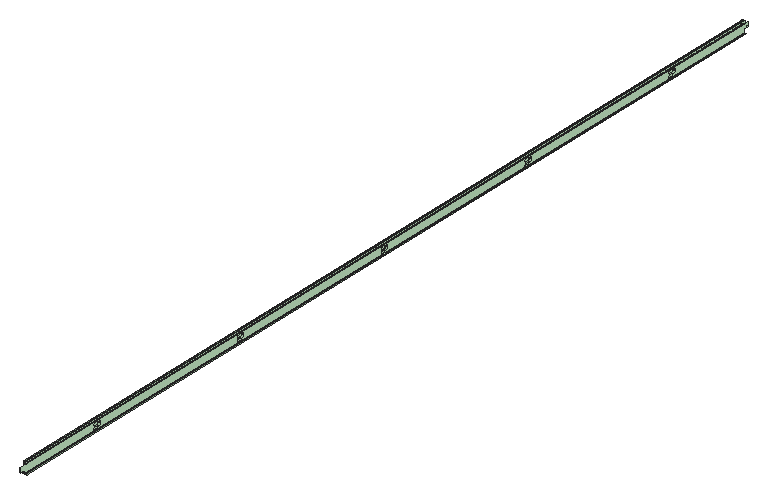
Revit family "et4015_main_640", category 機械設備, Revit 2022
Family settings
  丸型コネクタ寸法 = 直径を使用
  種別 = なし
  パーツ タイプ = 標準
  作業面ベース = いいえ
  常に垂直 = はい
  ロード時にボイドで切り取り = いいえ
  注釈の向きを維持 = いいえ
  共有 = いいえ
  部屋計算ポイント = いいえ
Parameters
  製造元 = "株式会社桐井製作所"
  既定の高さ = 0 mm
  URL = "https://www.kirii.co.jp/"
  K_長さ(mm) = 3200 mm
  K_材質 = "溶融亜鉛めっき鋼板及び鋼帯SGCC 一般用　カラー鋼板"
  K_品名 = "eTバー4015メイン(640グリッド用)"
  K_名称 = "Tバー"
  K_入数 = "20"
  K_バージョン情報 = "20220411"
  K_めっき付着量 = "JIS G 3302 Z12、カラー鋼板　塗装膜厚20μ(白色)"
  K_JIS規格 = "JIS G 3302"
Reference planes
  plane 1 "中心(正面/背面)": y = 0
  plane 2: z = 0
  plane 3 "中心(左/右)": x = 0
  plane 4: y = 3200
Forms (mm)
  Extrusion 1, solid
    sketch origin (0.4, 0, 30.6) x (0, 0, -1) y (0, 1, 0)
      loop
        line (3.661, 0) -> (3.661, -19.4)
        arc (3.661, -19.4) -> (3.954, -20.107) -> (4.661, -20.4) r 1
        line (4.661, -20.4) -> (16.783, -20.4)
        arc (16.783, -20.4) -> (17.49, -20.107) -> (17.783, -19.4) r 1
        line (17.783, -19.4) -> (17.783, 0) -> (17.783, 21.201) -> (3.661, 21.201) -> (3.661, 0)
    from -0.8 to 0
  Extrusion 2, void
    sketch origin (0.4, 0, 38.1) x (0, 0, 1) y (0, 1, 0)
      loop
        line (-17.561, -16.4) -> (-17.561, -9.2) -> (-22.361, -9.2) -> (-22.361, -16.4) -> (-17.561, -16.4)
    from 0 to 0.8
  Extrusion 3, void
    sketch origin (0.4, 20, 31.225) x (0, 0, 1) y (0, 1, 0)
      loop
        line (-5.5, 284.4) -> (-5.5, 315.6) -> (-23.1, 315.6) -> (-23.1, 284.4) -> (-5.5, 284.4)
    from 0 to 0.8
  Extrusion 4, void
    sketch origin (0.4, 660, 31.225) x (0, 0, 1) y (0, 1, 0)
      loop
        line (-5.5, 284.4) -> (-5.5, 315.6) -> (-23.1, 315.6) -> (-23.1, 284.4) -> (-5.5, 284.4)
    from 0 to 0.8
  Extrusion 5, void
    sketch origin (0.4, 1300, 31.225) x (0, 0, 1) y (0, 1, 0)
      loop
        line (-5.5, 284.4) -> (-5.5, 315.6) -> (-23.1, 315.6) -> (-23.1, 284.4) -> (-5.5, 284.4)
    from 0 to 0.8
  Extrusion 6, void
    sketch origin (0.4, 1940, 31.225) x (0, 0, 1) y (0, 1, 0)
      loop
        line (-5.5, 284.4) -> (-5.5, 315.6) -> (-23.1, 315.6) -> (-23.1, 284.4) -> (-5.5, 284.4)
    from 0 to 0.8
  Extrusion 7, void
    sketch origin (0.4, 2580, 31.225) x (0, 0, 1) y (0, 1, 0)
      loop
        line (-5.5, 284.4) -> (-5.5, 315.6) -> (-23.1, 315.6) -> (-23.1, 284.4) -> (-5.5, 284.4)
    from 0 to 0.8
  Extrusion 8, void
    sketch origin (0.4, 3199.987, 39.236) x (0, 0, 1) y (0, 1, 0)
      loop
        line (-17.561, 16.4) -> (-22.361, 16.4) -> (-22.361, 9.2) -> (-17.561, 9.2) -> (-17.561, 16.4)
    from 0 to 0.8
  Extrusion 9, solid
    sketch origin (0.4, 3199.855, 31.722) x (0, 0, -1) y (0, 1, 0)
      loop
        line (3.661, 0) -> (3.661, -21.201) -> (17.783, -21.201) -> (17.783, 0) -> (17.783, 19.4)
        arc (17.783, 19.4) -> (17.49, 20.107) -> (16.783, 20.4) r 1
        line (16.783, 20.4) -> (4.661, 20.4)
        arc (4.661, 20.4) -> (3.954, 20.107) -> (3.661, 19.4) r 1
        line (3.661, 19.4) -> (3.661, 0)
    from -0.8 to 0
  Extrusion 10, solid
    sketch origin (0, 0, 7.1) x (1, 0, 0) y (0, 0, -1)
      loop
        line (0.4, -24.298) -> (0.4, 5.65)
        arc (0.4, 5.65) -> (0.634, 6.216) -> (1.2, 6.45) r 0.8
        line (1.2, 6.45) -> (2.4, 6.2) -> (5.375, 6.2) -> (6.171, 5.941)
        arc (6.171, 5.941) -> (7.337, 6.109) -> (6.7, 7.1) r 0.7
        line (6.7, 7.1) -> (-6.7, 7.1)
        arc (-6.7, 7.1) -> (-7.337, 6.109) -> (-6.171, 5.941) r 0.7
        line (-6.171, 5.941) -> (-5.375, 6.2) -> (-2.4, 6.2) -> (-1.2, 6.45)
        arc (-1.2, 6.45) -> (-0.634, 6.216) -> (-0.4, 5.65) r 0.8
        line (-0.4, 5.65) -> (-0.4, -24.298)
        arc (-0.4, -24.298) -> (-0.715, -24.763) -> (-1.263, -24.642) r 0.5
        arc (-1.263, -24.642) -> (-1.627, -24.316) -> (-2.1, -24.198) r 1.011
        arc (-2.1, -24.198) -> (-2.736, -24.462) -> (-3, -25.098) r 0.9
        line (-3, -25.098) -> (-3, -33.198)
        arc (-3, -33.198) -> (-2.473, -34.079) -> (-1.448, -34.032) r 1
        line (-1.448, -34.032) -> (0, -33.08) -> (1.448, -34.032)
        arc (1.448, -34.032) -> (2.473, -34.079) -> (3, -33.198) r 1
        line (3, -33.198) -> (3, -25.098)
        arc (3, -25.098) -> (2.736, -24.462) -> (2.1, -24.198) r 0.9
        arc (2.1, -24.198) -> (1.627, -24.316) -> (1.263, -24.642) r 1.011
        arc (1.263, -24.642) -> (0.715, -24.763) -> (0.4, -24.298) r 0.5
      loop
        line (-1.668, -33.698) -> (-0.549, -32.963)
        arc (-0.549, -32.963) -> (0, -32.798) -> (0.549, -32.963) r 1
        line (0.549, -32.963) -> (1.668, -33.698)
        arc (1.668, -33.698) -> (2.283, -33.727) -> (2.6, -33.198) r 0.6
        line (2.6, -33.198) -> (2.6, -25.098)
        arc (2.6, -25.098) -> (2.302, -24.641) -> (1.763, -24.729) r 0.5
        line (1.763, -24.729) -> (1.063, -25.183)
        arc (1.063, -25.183) -> (0.324, -24.99) -> (0, -24.298) r 0.9
        arc (0, -24.298) -> (-0.324, -24.99) -> (-1.063, -25.183) r 0.9
        line (-1.063, -25.183) -> (-1.763, -24.729)
        arc (-1.763, -24.729) -> (-2.302, -24.641) -> (-2.6, -25.098) r 0.5
        line (-2.6, -25.098) -> (-2.6, -33.198)
        arc (-2.6, -33.198) -> (-2.283, -33.727) -> (-1.668, -33.698) r 0.6
    from 0 to 3200
  Extrusion 11, void
    sketch origin (0.4, 2598.192, 31.538) x (0, 0, 1) y (0, 1, 0)
      loop
        line (-19.9, 284.4) -> (-8.7, 284.4)
        arc (-8.7, 284.4) -> (-14.3, 287.9) -> (-19.9, 284.4) r 6.23
      loop
        line (-8.7, 297.4) -> (-19.9, 297.4)
        arc (-19.9, 297.4) -> (-14.3, 293.9) -> (-8.7, 297.4) r 6.23
    from 1.2 to 3.447
  Extrusion 12, solid
    sketch origin (0.081, 2598.2, -7.135) x (1, 0, 0) y (0, 0, 1)
      loop
        line (-0.387, 33.66) -> (-2.087, 33.66) -> (-2.087, 26.56)
        arc (-2.087, 26.56) -> (-3.087, 24.26) -> (-2.088, 21.96) r 3.145
        line (-2.088, 21.96) -> (-2.087, 14.46) -> (-0.387, 14.46) -> (-0.387, 15.26) -> (-1.487, 15.26) -> (-1.487, 22.238)
        arc (-1.487, 22.238) -> (-2.487, 24.267) -> (-1.476, 26.291) r 2.545
        line (-1.476, 26.291) -> (-1.476, 32.86) -> (-0.387, 32.86) -> (-0.387, 33.66)
    from -297.4 to -284.4
  Extrusion 13, void
    sketch origin (-0.4, 2579.992, 31.538) x (0, 0, 1) y (0, -1, 0)
      loop
        arc (-19.9, -284.4) -> (-14.3, -287.9) -> (-8.7, -284.4) r 6.23
        line (-8.7, -284.4) -> (-19.9, -284.4)
      loop
        arc (-8.7, -297.4) -> (-14.3, -293.9) -> (-19.9, -297.4) r 6.23
        line (-19.9, -297.4) -> (-8.7, -297.4)
    from 1.2 to 3.447
  Extrusion 14, solid
    sketch origin (-0.081, 2580, -7.135) x (-1, 0, 0) y (0, 0, -1)
      loop
        line (-0.387, -33.66) -> (-0.387, -32.86) -> (-1.476, -32.86) -> (-1.476, -26.291)
        arc (-1.476, -26.291) -> (-2.487, -24.267) -> (-1.487, -22.238) r 2.545
        line (-1.487, -22.238) -> (-1.487, -15.26) -> (-0.387, -15.26) -> (-0.387, -14.46) -> (-2.087, -14.46) -> (-2.088, -21.96)
        arc (-2.088, -21.96) -> (-3.087, -24.26) -> (-2.087, -26.56) r 3.145
        line (-2.087, -26.56) -> (-2.087, -33.66) -> (-0.387, -33.66)
    from -297.4 to -284.4
  Extrusion 15, void
    sketch origin (0.4, 1958.192, 31.538) x (0, 0, 1) y (0, 1, 0)
      loop
        line (-19.9, 284.4) -> (-8.7, 284.4)
        arc (-8.7, 284.4) -> (-14.3, 287.9) -> (-19.9, 284.4) r 6.23
      loop
        line (-8.7, 297.4) -> (-19.9, 297.4)
        arc (-19.9, 297.4) -> (-14.3, 293.9) -> (-8.7, 297.4) r 6.23
    from 1.2 to 3.447
  Extrusion 16, solid
    sketch origin (0.081, 1958.2, -7.135) x (1, 0, 0) y (0, 0, 1)
      loop
        line (-0.387, 33.66) -> (-2.087, 33.66) -> (-2.087, 26.56)
        arc (-2.087, 26.56) -> (-3.087, 24.26) -> (-2.088, 21.96) r 3.145
        line (-2.088, 21.96) -> (-2.087, 14.46) -> (-0.387, 14.46) -> (-0.387, 15.26) -> (-1.487, 15.26) -> (-1.487, 22.238)
        arc (-1.487, 22.238) -> (-2.487, 24.267) -> (-1.476, 26.291) r 2.545
        line (-1.476, 26.291) -> (-1.476, 32.86) -> (-0.387, 32.86) -> (-0.387, 33.66)
    from -297.4 to -284.4
  Extrusion 17, void
    sketch origin (-0.4, 1939.992, 31.538) x (0, 0, 1) y (0, -1, 0)
      loop
        arc (-19.9, -284.4) -> (-14.3, -287.9) -> (-8.7, -284.4) r 6.23
        line (-8.7, -284.4) -> (-19.9, -284.4)
      loop
        arc (-8.7, -297.4) -> (-14.3, -293.9) -> (-19.9, -297.4) r 6.23
        line (-19.9, -297.4) -> (-8.7, -297.4)
    from 1.2 to 3.447
  Extrusion 18, solid
    sketch origin (-0.081, 1940, -7.135) x (-1, 0, 0) y (0, 0, -1)
      loop
        line (-0.387, -33.66) -> (-0.387, -32.86) -> (-1.476, -32.86) -> (-1.476, -26.291)
        arc (-1.476, -26.291) -> (-2.487, -24.267) -> (-1.487, -22.238) r 2.545
        line (-1.487, -22.238) -> (-1.487, -15.26) -> (-0.387, -15.26) -> (-0.387, -14.46) -> (-2.087, -14.46) -> (-2.088, -21.96)
        arc (-2.088, -21.96) -> (-3.087, -24.26) -> (-2.087, -26.56) r 3.145
        line (-2.087, -26.56) -> (-2.087, -33.66) -> (-0.387, -33.66)
    from -297.4 to -284.4
  Extrusion 19, void
    sketch origin (0.4, 1318.192, 31.538) x (0, 0, 1) y (0, 1, 0)
      loop
        line (-19.9, 284.4) -> (-8.7, 284.4)
        arc (-8.7, 284.4) -> (-14.3, 287.9) -> (-19.9, 284.4) r 6.23
      loop
        line (-8.7, 297.4) -> (-19.9, 297.4)
        arc (-19.9, 297.4) -> (-14.3, 293.9) -> (-8.7, 297.4) r 6.23
    from 1.2 to 3.447
  Extrusion 20, solid
    sketch origin (0.081, 1318.2, -7.135) x (1, 0, 0) y (0, 0, 1)
      loop
        line (-0.387, 33.66) -> (-2.087, 33.66) -> (-2.087, 26.56)
        arc (-2.087, 26.56) -> (-3.087, 24.26) -> (-2.088, 21.96) r 3.145
        line (-2.088, 21.96) -> (-2.087, 14.46) -> (-0.387, 14.46) -> (-0.387, 15.26) -> (-1.487, 15.26) -> (-1.487, 22.238)
        arc (-1.487, 22.238) -> (-2.487, 24.267) -> (-1.476, 26.291) r 2.545
        line (-1.476, 26.291) -> (-1.476, 32.86) -> (-0.387, 32.86) -> (-0.387, 33.66)
    from -297.4 to -284.4
  Extrusion 21, void
    sketch origin (-0.4, 1299.992, 31.538) x (0, 0, 1) y (0, -1, 0)
      loop
        arc (-19.9, -284.4) -> (-14.3, -287.9) -> (-8.7, -284.4) r 6.23
        line (-8.7, -284.4) -> (-19.9, -284.4)
      loop
        arc (-8.7, -297.4) -> (-14.3, -293.9) -> (-19.9, -297.4) r 6.23
        line (-19.9, -297.4) -> (-8.7, -297.4)
    from 1.2 to 3.447
  Extrusion 22, solid
    sketch origin (-0.081, 1300, -7.135) x (-1, 0, 0) y (0, 0, -1)
      loop
        line (-0.387, -33.66) -> (-0.387, -32.86) -> (-1.476, -32.86) -> (-1.476, -26.291)
        arc (-1.476, -26.291) -> (-2.487, -24.267) -> (-1.487, -22.238) r 2.545
        line (-1.487, -22.238) -> (-1.487, -15.26) -> (-0.387, -15.26) -> (-0.387, -14.46) -> (-2.087, -14.46) -> (-2.088, -21.96)
        arc (-2.088, -21.96) -> (-3.087, -24.26) -> (-2.087, -26.56) r 3.145
        line (-2.087, -26.56) -> (-2.087, -33.66) -> (-0.387, -33.66)
    from -297.4 to -284.4
  Extrusion 23, void
    sketch origin (0.4, 678.192, 31.538) x (0, 0, 1) y (0, 1, 0)
      loop
        line (-19.9, 284.4) -> (-8.7, 284.4)
        arc (-8.7, 284.4) -> (-14.3, 287.9) -> (-19.9, 284.4) r 6.23
      loop
        line (-8.7, 297.4) -> (-19.9, 297.4)
        arc (-19.9, 297.4) -> (-14.3, 293.9) -> (-8.7, 297.4) r 6.23
    from 1.2 to 3.447
  Extrusion 24, solid
    sketch origin (0.081, 678.2, -7.135) x (1, 0, 0) y (0, 0, 1)
      loop
        line (-0.387, 33.66) -> (-2.087, 33.66) -> (-2.087, 26.56)
        arc (-2.087, 26.56) -> (-3.087, 24.26) -> (-2.088, 21.96) r 3.145
        line (-2.088, 21.96) -> (-2.087, 14.46) -> (-0.387, 14.46) -> (-0.387, 15.26) -> (-1.487, 15.26) -> (-1.487, 22.238)
        arc (-1.487, 22.238) -> (-2.487, 24.267) -> (-1.476, 26.291) r 2.545
        line (-1.476, 26.291) -> (-1.476, 32.86) -> (-0.387, 32.86) -> (-0.387, 33.66)
    from -297.4 to -284.4
  Extrusion 25, void
    sketch origin (-0.4, 659.992, 31.538) x (0, 0, 1) y (0, -1, 0)
      loop
        arc (-19.9, -284.4) -> (-14.3, -287.9) -> (-8.7, -284.4) r 6.23
        line (-8.7, -284.4) -> (-19.9, -284.4)
      loop
        arc (-8.7, -297.4) -> (-14.3, -293.9) -> (-19.9, -297.4) r 6.23
        line (-19.9, -297.4) -> (-8.7, -297.4)
    from 1.2 to 3.447
  Extrusion 26, solid
    sketch origin (-0.081, 660, -7.135) x (-1, 0, 0) y (0, 0, -1)
      loop
        line (-0.387, -33.66) -> (-0.387, -32.86) -> (-1.476, -32.86) -> (-1.476, -26.291)
        arc (-1.476, -26.291) -> (-2.487, -24.267) -> (-1.487, -22.238) r 2.545
        line (-1.487, -22.238) -> (-1.487, -15.26) -> (-0.387, -15.26) -> (-0.387, -14.46) -> (-2.087, -14.46) -> (-2.088, -21.96)
        arc (-2.088, -21.96) -> (-3.087, -24.26) -> (-2.087, -26.56) r 3.145
        line (-2.087, -26.56) -> (-2.087, -33.66) -> (-0.387, -33.66)
    from -297.4 to -284.4
  Extrusion 27, void
    sketch origin (0.4, 38.192, 31.538) x (0, 0, 1) y (0, 1, 0)
      loop
        line (-19.9, 284.4) -> (-8.7, 284.4)
        arc (-8.7, 284.4) -> (-14.3, 287.9) -> (-19.9, 284.4) r 6.23
      loop
        line (-8.7, 297.4) -> (-19.9, 297.4)
        arc (-19.9, 297.4) -> (-14.3, 293.9) -> (-8.7, 297.4) r 6.23
    from 1.2 to 3.447
  Extrusion 28, solid
    sketch origin (0.081, 38.2, -7.135) x (1, 0, 0) y (0, 0, 1)
      loop
        line (-0.387, 33.66) -> (-2.087, 33.66) -> (-2.087, 26.56)
        arc (-2.087, 26.56) -> (-3.087, 24.26) -> (-2.088, 21.96) r 3.145
        line (-2.088, 21.96) -> (-2.087, 14.46) -> (-0.387, 14.46) -> (-0.387, 15.26) -> (-1.487, 15.26) -> (-1.487, 22.238)
        arc (-1.487, 22.238) -> (-2.487, 24.267) -> (-1.476, 26.291) r 2.545
        line (-1.476, 26.291) -> (-1.476, 32.86) -> (-0.387, 32.86) -> (-0.387, 33.66)
    from -297.4 to -284.4
  Extrusion 29, void
    sketch origin (-0.4, 19.992, 31.538) x (0, 0, 1) y (0, -1, 0)
      loop
        arc (-19.9, -284.4) -> (-14.3, -287.9) -> (-8.7, -284.4) r 6.23
        line (-8.7, -284.4) -> (-19.9, -284.4)
      loop
        arc (-8.7, -297.4) -> (-14.3, -293.9) -> (-19.9, -297.4) r 6.23
        line (-19.9, -297.4) -> (-8.7, -297.4)
    from 1.2 to 3.447
  Extrusion 30, solid
    sketch origin (-0.081, 20, -7.135) x (-1, 0, 0) y (0, 0, -1)
      loop
        line (-0.387, -33.66) -> (-0.387, -32.86) -> (-1.476, -32.86) -> (-1.476, -26.291)
        arc (-1.476, -26.291) -> (-2.487, -24.267) -> (-1.487, -22.238) r 2.545
        line (-1.487, -22.238) -> (-1.487, -15.26) -> (-0.387, -15.26) -> (-0.387, -14.46) -> (-2.087, -14.46) -> (-2.088, -21.96)
        arc (-2.088, -21.96) -> (-3.087, -24.26) -> (-2.087, -26.56) r 3.145
        line (-2.087, -26.56) -> (-2.087, -33.66) -> (-0.387, -33.66)
    from -297.4 to -284.4
Cuts and joins
  Extrusion 2, Extrusion 3, Extrusion 4, Extrusion 5, Extrusion 6, Extrusion 7 cuts Extrusion 1
  Extrusion 8 cuts Extrusion 9
  Extrusion 3, Extrusion 4, Extrusion 5, Extrusion 6, Extrusion 7 cuts Extrusion 10
  Extrusion 11 cuts Extrusion 12
  Extrusion 13 cuts Extrusion 14
  Extrusion 15 cuts Extrusion 16
  Extrusion 17 cuts Extrusion 18
  Extrusion 19 cuts Extrusion 20
  Extrusion 21 cuts Extrusion 22
  Extrusion 23 cuts Extrusion 24
  Extrusion 25 cuts Extrusion 26
  Extrusion 27 cuts Extrusion 28
  Extrusion 29 cuts Extrusion 30
  joined: Extrusion 1, Extrusion 9, Extrusion 10, Extrusion 12, Extrusion 14, Extrusion 16, Extrusion 18, Extrusion 20, Extrusion 22, Extrusion 24, Extrusion 26, Extrusion 28, Extrusion 30
Dimensions and locks
  aligned and locked: level to plane 2
